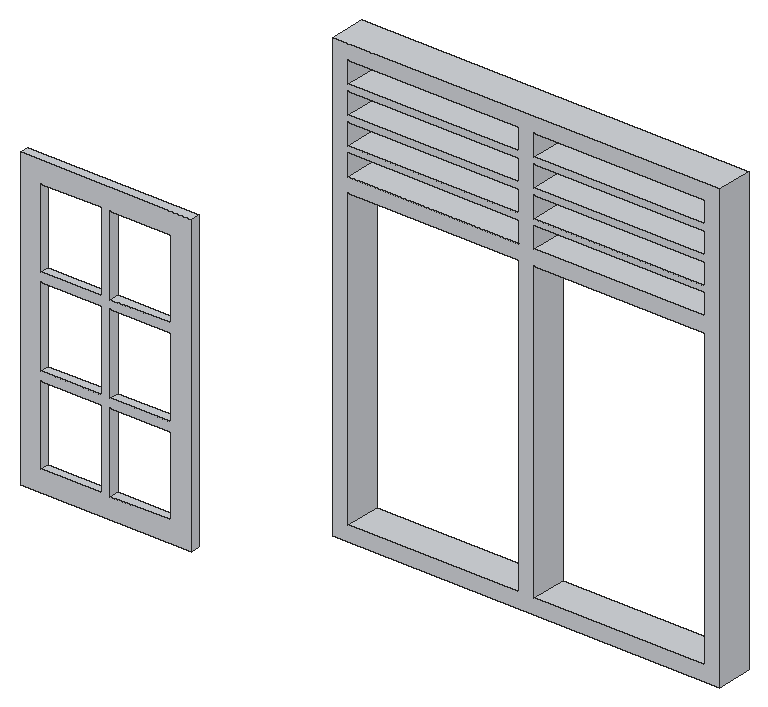
Revit family "WindowDoublePanelBv", category Windows, host Wall, Revit 2022
Family settings
  Host = Wall
  OmniClass Number = 23.30.20.00
  OmniClass Title = Windows
  Always vertical = Yes
  Cut with Voids When Loaded = No
  Shared = No
  Room Calculation Point = No
Parameters
  panelWidth = (Width / 2) - (frameThickness / 2) - frameThickness  # 575 mm
  panelHeight = Height - bvHeight - (2 * frameThickness)  # 1000 mm
  frameWidth = 120 mm
  frameThickness = 50 mm
  bvPlank = 20 mm
  bvHeight = 400 mm
  Height = 1500 mm
  Default Sill Height = 1500 mm
  Wall Closure = By host
  Width = 1300 mm
Reference planes
  plane 1 "Center (Front/Back)": y = 0
  plane 2 "Center (Left/Right)": x = 0
  plane 3 "Left": x = -650
  plane 4 "Right": x = 650
  plane 5 "Sill": z = 1500
  plane 6 "Head": z = 3000
  plane 7 "Exterior": y = 103.095
  plane 8 "Interior": y = -96.905
  plane 9: z = 2600
  plane 10: z = 2550
  plane 11: x = 25
  plane 12: x = -25
  plane 13: z = 2950
  plane 14: z = 1550
  plane 15: x = -600
  plane 16: x = 600
  plane 17 "frameOut": y = 60
  plane 18 "frameIn": y = -60
  plane 19: z = 2867.5
  plane 20: z = 2775
  plane 21: z = 2682.5
  plane 22: z = 2970
  plane 23: z = 2960
  plane 24: z = 2580
  plane 25: z = 2590
Forms (mm)
  Extrusion 1, solid
    sketch origin (0, 0, 0) x (1, 0, 0) y (0, 0, 1)
      loop
        line (-650, 3000) -> (-650, 1500) -> (650, 1500) -> (650, 3000) -> (-650, 3000)
      loop
        line (-600, 2950) -> (-600, 2877.5) -> (-25, 2877.5) -> (-25, 2950) -> (-600, 2950)
      loop
        line (600, 1550) -> (600, 2550) -> (25, 2550) -> (25, 1550) -> (600, 1550)
      loop
        line (-600, 2600) -> (-25, 2600) -> (-25, 2672.5) -> (-600, 2672.5) -> (-600, 2600)
      loop
        line (-600, 2550) -> (-600, 1550) -> (-25, 1550) -> (-25, 2550) -> (-600, 2550)
      loop
        line (25, 2950) -> (25, 2877.5) -> (600, 2877.5) -> (600, 2950) -> (25, 2950)
      loop
        line (25, 2600) -> (600, 2600) -> (600, 2672.5) -> (25, 2672.5) -> (25, 2600)
      loop
        line (-600, 2857.5) -> (-600, 2785) -> (-25, 2785) -> (-25, 2857.5) -> (-600, 2857.5)
      loop
        line (-600, 2765) -> (-600, 2692.5) -> (-25, 2692.5) -> (-25, 2765) -> (-600, 2765)
      loop
        line (25, 2857.5) -> (25, 2785) -> (600, 2785) -> (600, 2857.5) -> (25, 2857.5)
      loop
        line (25, 2765) -> (25, 2692.5) -> (600, 2692.5) -> (600, 2765) -> (25, 2765)
    from -60 to 60
Lines and regions (mm)
  Opening 1
    outline origin (3500, -96.905, 0) x (1, 0, 0) y (0, 0, 1)
      loop
        line (-2850, 1500) -> (-2850, 3000) -> (-4150, 3000) -> (-4150, 1500) -> (-2850, 1500)
Text (mm)
  text "Exterior" at (-1963.203, 1332.353, 0), in view "Ref. Level"
  text "Interior" at (-1981.466, -818.386, 0), in view "Ref. Level"
  text "Exterior" at (0, 923.751, 2943.296), in view "Right"
  text "Exterior" at (0, 1040.484, 2685.409), in view "Left"
Dimensions and locks
  equal spacing: plane 3 "Left", plane 2 "Center (Left/Right)", plane 4 "Right"
  "Width": plane 3 "Left" to plane 4 "Right"
  "Height": plane 5 "Sill" to plane 6 "Head"
  "Default Sill Height": plane 5 "Sill" to level
  locked: plane 7 "Exterior" to host wall
  locked: plane 8 "Interior" to host wall
  "frameThickness": plane 3 "Left" to plane 15
  equal spacing: plane 12, plane 2 "Center (Left/Right)", plane 11
  "frameThickness": plane 12 to plane 11
  "frameThickness": plane 16 to plane 4 "Right"
  plane 9 to plane 5 "Sill" = 1100 mm
  "bvHeight": plane 6 "Head" to plane 9
  "frameThickness": plane 6 "Head" to plane 13
  "frameThickness": plane 9 to plane 10
  "frameThickness": plane 14 to plane 5 "Sill"
  equal spacing: plane 17 "frameOut", plane 1 "Center (Front/Back)", plane 18 "frameIn"
  "frameWidth": plane 17 "frameOut" to plane 18 "frameIn"
  equal spacing: Extrusion 1 sketch curve, plane 19, Extrusion 1 sketch curve
  "bvPlank": Extrusion 1 sketch curve to Extrusion 1 sketch curve  (x3)
  equal spacing: Extrusion 1 sketch curve, plane 20, Extrusion 1 sketch curve
  equal spacing: Extrusion 1 sketch curve, plane 21, Extrusion 1 sketch curve
  equal spacing: plane 9, plane 25, plane 24
  "bvPlank": plane 9 to plane 24
  equal spacing: plane 22, plane 23, plane 13
  "bvPlank": plane 22 to plane 13
  equal spacing: plane 23, plane 19, plane 20, plane 21, plane 25
  aligned and locked: plane 4 "Right" to Extrusion 1 sketch curve
  aligned and locked: plane 6 "Head" to Extrusion 1 sketch curve
  aligned and locked: Extrusion 1 sketch curve to plane 3 "Left"
  aligned and locked: Extrusion 1 sketch curve to plane 5 "Sill"
  aligned and locked: plane 14 to Extrusion 1 sketch curve  (x2)
  aligned and locked: Extrusion 1 sketch curve to plane 10  (x2)
  aligned and locked: Extrusion 1 sketch curve to plane 13
  aligned and locked: Extrusion 1 sketch curve to plane 9
  aligned and locked: plane 17 "frameOut" to Extrusion 1
  aligned and locked: Extrusion 1 to plane 18 "frameIn"
  aligned and locked: Extrusion 1 sketch curve to plane 15  (x5)
  aligned and locked: Extrusion 1 sketch curve to plane 16  (x4)
  aligned and locked: plane 12 to Extrusion 1 sketch curve  (x5)
  aligned and locked: Extrusion 1 sketch curve to plane 11  (x5)
  aligned and locked: Extrusion 1 sketch curve to Extrusion 1 sketch curve  (x4)
Automatic sketch dimensions
  Opening 1 sketch curve to plane 3 "Left" = 0 mm
  Opening 1 sketch curve to plane 4 "Right" = 0 mm
  Opening 1 sketch curve to plane 5 "Sill" = 0 mm
  Opening 1 sketch curve to plane 6 "Head" = 0 mm
  Extrusion 1 sketch curve to plane 16 = 0 mm
  Extrusion 1 sketch curve to plane 13 = 0 mm
  Extrusion 1 sketch curve to plane 21 = 10 mm
  Extrusion 1 sketch curve to plane 20 = 10 mm
  Extrusion 1 sketch curve to plane 19 = 10 mm
Nested families
  nested 1: "windowPanel" at (-1120, -396.905, 1550), Height <- "panelHeight", Width <- "panelWidth", type "windowPanel"
    with miniframeWidth 30 mm, frameWidth 70 mm, Width 575 mm, Height 1000 mm
Definition of nested family "windowPanel"
  Parameters (values of type "windowPanel")
    miniframeWidth [instance] = 30 mm
    frameWidth [instance] = 70 mm
    frameThickness = 30 mm
    Width [instance] = 700 mm
    Height [instance] = 1100 mm
    Default Elevation = 0 mm
  Reference planes
    plane 1 "Center (Front/Back)": y = 0
    plane 2: z = 0
    plane 3 "Center (Left/Right)": x = 0
    plane 4: z = 550
    plane 5: z = 1100
    plane 6: z = 715
    plane 7: z = 385
    plane 8: z = 730
    plane 9: z = 700
    plane 10: z = 400
    plane 11: z = 370
    plane 12: z = 1045
    plane 13: z = 1060
    plane 14: z = 1030
    plane 15: z = 55
    plane 16: z = 70
    plane 17: z = 40
    plane 18: x = 350
    plane 19: x = -350
    plane 20: x = 280
    plane 21: x = -280
    plane 22: x = -15
    plane 23: x = 15
    plane 24: y = -15
    plane 25: y = -30
  Forms (mm)
    Extrusion 1, solid
      sketch origin (0, 0, 0) x (1, 0, 0) y (0, 0, 1)
        loop
          line (-350, 0) -> (350, 0) -> (350, 1100) -> (-350, 1100) -> (-350, 0)
        loop
          line (-280, 1030) -> (-280, 730) -> (-15, 730) -> (-15, 1030) -> (-280, 1030)
        loop
          line (-280, 70) -> (-15, 70) -> (-15, 370) -> (-280, 370) -> (-280, 70)
        loop
          line (280, 1030) -> (15, 1030) -> (15, 730) -> (280, 730) -> (280, 1030)
        loop
          line (-280, 400) -> (-15, 400) -> (-15, 700) -> (-280, 700) -> (-280, 400)
        loop
          line (15, 70) -> (280, 70) -> (280, 370) -> (15, 370) -> (15, 70)
        loop
          line (280, 700) -> (15, 700) -> (15, 400) -> (280, 400) -> (280, 700)
      from 0 to 30
  Dimensions and locks
    equal spacing: plane 12, plane 6, plane 7, plane 15
    equal spacing: plane 13, plane 12, plane 14
    "miniframeWidth": plane 13 to plane 14
    equal spacing: plane 8, plane 6, plane 9
    "miniframeWidth": plane 8 to plane 9
    equal spacing: plane 10, plane 7, plane 11
    "miniframeWidth": plane 10 to plane 11
    equal spacing: plane 16, plane 15, plane 17
    "miniframeWidth": plane 16 to plane 17
    equal spacing: plane 5, plane 4, plane 2
    "Height": plane 5 to plane 2
    equal spacing: plane 18, plane 3 "Center (Left/Right)", plane 19
    "Width": plane 18 to plane 19
    "frameWidth": plane 5 to plane 14
    "frameWidth": plane 16 to plane 2
    "frameWidth": plane 18 to plane 20
    "frameWidth": plane 21 to plane 19
    equal spacing: plane 23, plane 3 "Center (Left/Right)", plane 22
    "miniframeWidth": plane 23 to plane 22
    equal spacing: plane 25, plane 24, plane 1 "Center (Front/Back)"
    "frameThickness": plane 25 to plane 1 "Center (Front/Back)"
    aligned and locked: level to plane 2
    aligned and locked: Extrusion 1 sketch curve to plane 2
    aligned and locked: Extrusion 1 sketch curve to plane 19
    aligned and locked: Extrusion 1 sketch curve to plane 21  (x3)
    aligned and locked: Extrusion 1 sketch curve to plane 22  (x3)
    aligned and locked: Extrusion 1 sketch curve to plane 16
    aligned and locked: Extrusion 1 sketch curve to plane 20  (x3)
    aligned and locked: Extrusion 1 sketch curve to plane 18
    aligned and locked: Extrusion 1 sketch curve to plane 11  (x2)
    aligned and locked: Extrusion 1 sketch curve to plane 10  (x2)
    aligned and locked: Extrusion 1 sketch curve to plane 9  (x2)
    aligned and locked: Extrusion 1 sketch curve to plane 8  (x2)
    aligned and locked: Extrusion 1 sketch curve to plane 14  (x2)
    aligned and locked: Extrusion 1 sketch curve to plane 5
    aligned and locked: Extrusion 1 sketch curve to plane 23  (x3)
    aligned and locked: Extrusion 1 to plane 1 "Center (Front/Back)"
    aligned and locked: Extrusion 1 to plane 25
  Automatic sketch dimensions
    Extrusion 1 sketch curve to plane 16 = 0 mm
